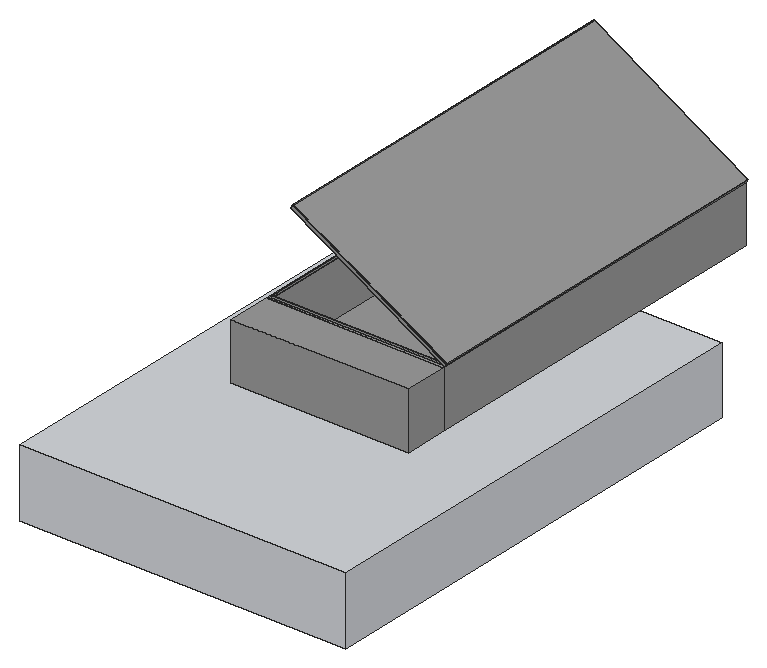
Revit family "Hager-Univers-IP55-D275-H1900-Cl.II-Steel_encl-PL-en", category Equipement électrique, Revit 2020
Family settings
  Hôte = Face
  Configuration du panneau = Deux colonnes, circuits au sein
  Cote de connecteur circulaire = Utiliser le diamètre
  Type d'élément = Tableau de raccordement
  Couper avec des vides une fois chargée = Non
  Partagée = Non
  Point de calcul de pièce = Non
Parameters (values of type "Floor installation IP55 W800 H1900 D275  - FR13S2")
  Width Control [instance] = if([EF000008 - Width] > Min Width, [EF000008 - Width], Min Width)  # 800 mm
  Commentaires du type = [HG000003 - Range]  # "Univers"
  Thickness Door [instance] = if([EF009171 - Material plate thickness door/cover] > 3 mm, 3 mm, [EF009171 - Material plate thickness door/cover])  # 1.5 mm
  Seal Frame Offset [instance] = 17 mm  # constant formula
  Plinth Visibility [instance] = [HG000027 - Plinth height] > 0 mm  # yes
  Model = ""
  Min Width [instance] = 100 mm  # constant formula
  Min Height [instance] = 100 mm  # constant formula
  Min Depth [instance] = (2 * [EF009170 - Material plate thickness cabinet]) + 1 mm  # 4 mm
  Internal Frame Depth [instance] = (Door System Depth * 0.5)  # 9 mm
  Height Control [instance] = if([EF000040 - Height] > Min Height, [EF000040 - Height], Min Height)  # 1900 mm
  HG000027 - Plinth height = 200 mm
  HG000026 - Floor standing = yes
  HG000024 - Bottom section height = 800 mm
  HG000023 - Double section enclosure = no
  HG000016 - Door 3d visibility [instance] = yes
  HG000015 - Clearance visibility [instance] = no
  HG000014 - Door on the right [instance] = yes
  HG000013 - Door on the left [instance] = not([HG000014 - Door on the right])  # no
  HG000012 - Door swing angle [instance] = 30.00°
  HG000010 - Asymmetric doors = no
  HG000009 - Double swing door = no
  HG000006 - Flush mounted = no
  HG000004 - Manufacturer reference = "FR13S2"
  HG000003 - Range = "Univers"
  HG000002 - With door or cover = yes
  Frame Offset Bottom [instance] = 10 mm  # constant formula
  Frame Offset [instance] = 15 mm  # constant formula
  EF015940 - Cover with overpressure release = no
  EF011959 - Degree of protection (NEMA) = ""
  EF009554 - Number of openings for flange plates = 6
  EF009212 - Cover model = "EV000116 - Closed"
  EF009171 - Material plate thickness door/cover = 1.5 mm
  EF009170 - Material plate thickness cabinet = 1.5 mm
  Fabricant = "Hager"  # constant formula
  EF008873 - Nominal current (In) = 800 A
  EF007800 - Suitable for lightning protection = no
  EF006306 - With lock = no
  EF006244 - Transparent cover/door = no
  EF005474 - Degree of protection (IP) = "EV006420 - IP55"
  EF004464 - Type of door = "EV002646 - Single"
  EF004427 - Number of modules = 396
  EF004293 - Impact strength = "EV008784 - IK10"
  EF003532 - Suitable for outdoor use = no
  EF002950 - Width in number of modular spacings = 24
  EF001613 - Circuit integrity = "EV000494 - None"
  EF001596 - Material housing = "EV000179 - Steel"
  EF001131 - Internal depth = 275 mm
  EF001088 - Extension possible = yes
  EF000437 - Number of conduit inlets = 6
  EF000339 - Type of cover = "EV004216 - Door"
  EF000266 - Number of rows = 11
  EF000218 - Built-in depth = 0 mm
  EF000118 - With mounting plate = no
  EF000116 - RAL-number = "7035"
  EF000049 - Depth = 275 mm
  EF000040 - Height = 1900 mm
  EF000008 - Width = 800 mm
  EF000007 - Colour = "EV000270 - Grey"
  EF000003 - Mounting method = "EV012274 - Floor installation"
  Door System Leaf Tolerance [instance] = 1.5 mm  # constant formula
  Door System Depth [instance] = 18 mm  # constant formula
  Door Height [instance] = Height Control - [HG000027 - Plinth height]  # 1700 mm
  Depth Control [instance] = if([EF000049 - Depth] > Min Depth, [EF000049 - Depth], Min Depth)  # 275 mm
  Default Elevation = 0 mm
  Connector Offset [instance] = Height Control / 2  # 950 mm
  Bottom Top Plate Trim [instance] = 1.5 mm  # constant formula
  Plinth height Ctrl [instance] = if([HG000027 - Plinth height] > 0 mm, [HG000027 - Plinth height], 12 mm)  # 200 mm
Types (5, lengths in mm): name | Width Control | HG000010 - Asymmetric doors | HG000009 - Double swing door | HG000004 - Manufacturer reference | EF009554 - Number of openings for flange plates | EF004464 - Type of door | EF004427 - Number of modules | EF000437 - Number of conduit inlets | EF000008 - Width
  Floor installation IP55 W1050 H1900 D275  - FR14S2 | 1050 | yes | yes | "FR14S2" | 8 | "EV003602 - Double" | 528 | 8 | 1050
  Floor installation IP55 W1300 H1900 D275  - FR15S2 | 1300 | yes | yes | "FR15S2" | 10 | "EV003602 - Double" | 660 | 10 | 1300
  Floor installation IP55 W300 H1900 D275  - FR11S2 | 300 | no | no | "FR11S2" | 2 | "EV002646 - Single" | 132 | 2 | 300
  Floor installation IP55 W550 H1900 D275  - FR12S2 | 550 | no | no | "FR12S2" | 4 | "EV002646 - Single" | 264 | 4 | 550
  Floor installation IP55 W800 H1900 D275  - FR13S2 | 800 | no | no | "FR13S2" | 6 | "EV002646 - Single" | 396 | 6 | 800
Reference planes
  plane 1 "Center (Front/Back)": y = 0
  plane 2: z = 0
  plane 3 "Center (Left/Right)": x = 0
  plane 4: z = 275
  plane 5: y = 201.5
  plane 6: y = 1050
  plane 7: y = 200
  plane 8: y = 1900
  plane 9: z = 0
  plane 10: x = -385
  plane 11: x = 385
  plane 12: x = 383.5
  plane 13: x = -383.5
  plane 14: y = 1898.5
  plane 15: x = -383
  plane 16: x = -400
  plane 17: x = 383
  plane 18: x = 400
  plane 19: x = 398.5
  plane 20: x = -398.5
  plane 21: y = 211.5
  plane 22: y = 1900
  plane 23: y = 1883.5
  plane 24: z = 257
  plane 25: z = 1.5
  plane 26: z = 255.5
  plane 27: z = 273.5
Forms (mm)
  Extrusion 1, solid
    sketch origin (0, 0, 0) x (1, 0, 0) y (0, 1, 0)
      loop
        line (-702.964, 1305) -> (-702.964, -811.445) -> (766.763, -811.445) -> (766.763, 1305) -> (-702.964, 1305)
    from 0 to -304.8
  Extrusion 2, solid, material "Hager_Steel_RAL7035_Light_Grey", visible <- "Plinth Visibility", detail levels medium+fine
    sketch origin (0, 0, 0) x (1, 0, 0) y (0, 1, 0)
      loop
        line (-400, 0) -> (400, 0) -> (400, 200) -> (-400, 200) -> (-400, 0)
    from 0 to 257
  Extrusion 3, solid, material "Hager_Steel_RAL7035_Light_Grey", detail levels medium+fine
    sketch origin (0, 0, 0) x (1, 0, 0) y (0, 1, 0)
      loop
        line (-400, 200) -> (400, 200) -> (400, 1900) -> (-400, 1900) -> (-400, 200)
    from 0 to 257
  Extrusion 4, void
    sketch origin (0, 0, 0) x (1, 0, 0) y (0, 1, 0)
      loop
        line (-398.5, 201.5) -> (398.5, 201.5) -> (398.5, 1898.5) -> (-398.5, 1898.5) -> (-398.5, 201.5)
    from 1.5 to 255.5
  Extrusion 5, void
    sketch origin (-381.607, -4572, 257) x (0, -1, 0) y (-1, 0, 0)
      loop
        line (-4783.5, 1.893) -> (-6455.5, 1.893) -> (-6455.5, -765.107) -> (-4783.5, -765.107) -> (-4783.5, 1.893)
    from 0 to 1.5 <- "EF009170 - Material plate thickness cabinet"
  Extrusion 6, solid, material "Hager_Steel_RAL7035_Light_Grey", detail levels fine
    sketch origin (0, 0, 257) x (1, 0, 0) y (0, 1, 0)
      loop
        line (-383.5, 1883.5) -> (-383.5, 211.5) -> (383.5, 211.5) -> (383.5, 1883.5) -> (-383.5, 1883.5)
      loop
        line (-385, 210) -> (385, 210) -> (385, 1885) -> (-385, 1885) -> (-385, 210)
    from 0 to 9 <- "Internal Frame Depth"
  Extrusion 7, solid, material "Hager_Steel_RAL7035_Light_Grey", detail levels coarse
    sketch origin (0, 0, 0) x (1, 0, 0) y (0, 1, 0)
      loop
        line (-400, 0) -> (400, 0) -> (400, 1900) -> (-400, 1900) -> (-400, 0)
    from 0 to 275
  Sweep 8, void
    path in 3D
      loop
        line (-400, 200, 0) -> (400, 200, 0) -> (400, 200, 257) -> (-400, 200, 257) -> (-400, 200, 0)
    profile origin (-400, 200, 128.5) x (-1, 0, 0) y (0, -1, 0)
      loop
        line (0, 0) -> (0, 1.5) -> (-1.5, 1.5)
        arc (-1.5, 1.5) -> (-1.061, 0.439) -> (0, 0) r 1.5
Cuts and joins
  Extrusion 4, Extrusion 5 cuts Extrusion 3
  Sweep 8 cuts Extrusion 2
Lines and regions (mm)
  Masking region 1
    outline origin (0, 0, 0) x (1, 0, 0) y (0, 0, 1)
      loop
        line (-400, 275) -> (-400, 0) -> (400, 0) -> (400, 275) -> (-400, 275)
  Masking region 2, detail levels medium+fine
    outline origin (0, 140, 0) x (0, 1, 0) y (0, 0, 1)
      loop
        line (60, 0) -> (1760, 0) -> (1760, 257) -> (60, 257) -> (60, 0)
  Masking region 3, not visible, detail levels medium+fine
    outline origin (0, 297.922, 0) x (0, 1, 0) y (0, 0, 1)
      loop
        line (763.578, 0) -> (803.578, 0) -> (803.578, 263.5)
        arc (803.578, 263.5) -> (800.649, 270.571) -> (793.578, 273.5) r 10
        line (793.578, 273.5) -> (763.578, 273.5) -> (763.578, 0)
  Masking region 4, detail levels coarse
    outline origin (0, 0, 180) x (0, 1, 0) y (0, 0, 1)
      loop
        line (0, -180) -> (1900, -180) -> (1900, 95) -> (0, 95) -> (0, -180)
  Masking region 5, visible <- "Plinth Visibility", detail levels medium+fine
    outline origin (0, 52.24, 12.345) x (0, 0, -1) y (0, 1, 0)
      loop
        line (10.845, 147.76) -> (-243.155, 147.76)
        arc (-243.155, 147.76) -> (-243.594, 146.699) -> (-244.655, 146.26) r 1.5
        line (-244.655, 146.26) -> (-244.655, -52.24) -> (12.345, -52.24) -> (12.345, 146.26)
        arc (12.345, 146.26) -> (11.285, 146.699) -> (10.845, 147.76) r 1.5
  Masking region 6, detail levels medium+fine
    outline origin (-381.607, -4572, 257) x (-1, 0, 0) y (0, -1, 0)
      loop
        line (18.393, -6472) -> (18.393, -4772) -> (-781.607, -4772) -> (-781.607, -6472) -> (18.393, -6472)
  Masking region 7, visible <- "Plinth Visibility", detail levels medium+fine
    outline origin (-381.607, -4727, 257) x (-1, 0, 0) y (0, -1, 0)
      loop
        arc (16.893, -4927) -> (17.332, -4925.939) -> (18.393, -4925.5) r 1.5
        line (18.393, -4925.5) -> (18.393, -4727) -> (-781.607, -4727) -> (-781.607, -4925.5)
        arc (-781.607, -4925.5) -> (-780.546, -4925.939) -> (-780.107, -4927) r 1.5
        line (-780.107, -4927) -> (16.893, -4927)
  Masking region 8, detail levels coarse
    outline origin (-442.548, -4669.526, 257) x (-1, 0, 0) y (0, -1, 0)
      loop
        line (-42.548, -6569.526) -> (-42.548, -4669.526) -> (-842.548, -4669.526) -> (-842.548, -6569.526) -> (-42.548, -6569.526)
  sketch lines
    curve 1: line (-400, 200, 257) -> (-400, 200, 0)
    curve 2: line (400, 200, 257) -> (-400, 200, 257)
    curve 3: line (400, 200, 257) -> (400, 200, 0)
    curve 4: line (-400, 200, 0) -> (400, 200, 0)
Dimensions and locks
  "Depth Control": plane 4 to Extrusion 1
  "HG000027 - Plinth height": plane 1 "Center (Front/Back)" to plane 7
  "EF009170 - Material plate thickness cabinet": plane 5 to plane 7
  locked: connector elem to plane 3 "Center (Left/Right)"
  equal spacing: plane 8, plane 6, plane 7
  locked: connector elem to plane 6
  "EF009170 - Material plate thickness cabinet": plane 8 to plane 14
  "EF009170 - Material plate thickness cabinet": plane 10 to plane 13
  "EF009170 - Material plate thickness cabinet": plane 12 to plane 11
  "Frame Offset": plane 20 to plane 13
  "Frame Offset": plane 12 to plane 19
  "EF009170 - Material plate thickness cabinet": plane 16 to plane 20
  "EF009170 - Material plate thickness cabinet": plane 19 to plane 18
  "Seal Frame Offset": plane 16 to plane 15
  "Seal Frame Offset": plane 17 to plane 18
  "Frame Offset Bottom": plane 21 to plane 5
  "Frame Offset": plane 14 to plane 23
  equal spacing: plane 16, plane 3 "Center (Left/Right)", plane 18
  "Width Control": plane 16 to plane 18
  "EF009170 - Material plate thickness cabinet": plane 4 to plane 27
  "EF009170 - Material plate thickness cabinet": plane 24 to plane 26
  "EF009170 - Material plate thickness cabinet": plane 25 to level
  "Door System Depth": plane 4 to plane 24
  "Height Control": plane 1 "Center (Front/Back)" to Extrusion 7 sketch curve
  "Height Control": Masking region 4 sketch curve to plane 1 "Center (Front/Back)"
  "Height Control": plane 1 "Center (Front/Back)" to plane 22
  "Bottom Top Plate Trim": profile plane to Sweep 8 sketch curve
  "Bottom Top Plate Trim": Sweep 8 sketch curve to profile plane
  "Plinth height Ctrl": plane 1 "Center (Front/Back)" to Extrusion 2 sketch curve
  "Plinth height Ctrl": Masking region 5 sketch curve to plane 1 "Center (Front/Back)"
  "Plinth height Ctrl": plane 1 "Center (Front/Back)" to Masking region 7 sketch curve
  "Thickness Door": Extrusion 6 sketch curve to Extrusion 6 sketch curve  (x3)
  "Thickness Door": cut or joined group of Extrusion 3, Extrusion 4, Extrusion 5 to Extrusion 6 sketch curve
  radius of Masking region 3 sketch curve = 10 mm
  "Bottom Top Plate Trim": radius of Masking region 5 sketch curve  (x2)
  "Bottom Top Plate Trim": radius of Sweep 8 sketch curve
  "Bottom Top Plate Trim": radius of Masking region 7 sketch curve  (x2)
  aligned and locked: plane 2 to Extrusion 1
  aligned and locked: level to Extrusion 1
  aligned and locked: level to Masking region 1 sketch curve
  aligned and locked: Masking region 1 sketch curve to plane 18
  aligned and locked: Masking region 1 sketch curve to plane 16
  aligned and locked: plane 7 to Masking region 2 sketch curve
  aligned and locked: level to Masking region 3 sketch curve
  aligned and locked: Masking region 3 sketch curve to plane 27
  aligned and locked: level to Masking region 2 sketch curve
  aligned and locked: plane 1 "Center (Front/Back)" to Extrusion 2 sketch curve
  aligned and locked: Extrusion 3 sketch curve to plane 7
  aligned and locked: plane 16 to Extrusion 3 sketch curve
  aligned and locked: plane 18 to Extrusion 3 sketch curve
  aligned and locked: plane 20 to Extrusion 4 sketch curve
  aligned and locked: plane 19 to Extrusion 4 sketch curve
  aligned and locked: Extrusion 4 sketch curve to plane 5
  aligned and locked: Extrusion 4 to plane 25
  aligned and locked: plane 26 to Extrusion 4
  aligned and locked: plane 24 to Extrusion 3
  aligned and locked: Extrusion 5 sketch curve to plane 21
  aligned and locked: Extrusion 5 sketch curve to plane 13
  aligned and locked: Extrusion 5 sketch curve to plane 12
  aligned and locked: plane 18 to Extrusion 7 sketch curve
  aligned and locked: plane 1 "Center (Front/Back)" to Extrusion 7 sketch curve
  aligned and locked: plane 16 to Extrusion 7 sketch curve
  aligned and locked: plane 4 to Extrusion 7
  aligned and locked: Extrusion 7 to level
  aligned and locked: level to Masking region 4 sketch curve
  aligned and locked: Masking region 4 sketch curve to plane 1 "Center (Front/Back)"
  aligned and locked: Masking region 4 sketch curve to plane 4
  aligned and locked: nested 1 to level
  aligned and locked: nested 1 to plane 16
  aligned and locked: plane 8 to Extrusion 3 sketch curve
  aligned and locked: plane 23 to Extrusion 5 sketch curve
  aligned and locked: plane 14 to Extrusion 4 sketch curve
  aligned and locked: Masking region 2 sketch curve to plane 8
  aligned and locked: level to Masking region 5 sketch curve
  aligned and locked: plane 16 to Extrusion 2 sketch curve
  aligned and locked: plane 18 to Extrusion 2 sketch curve
  aligned and locked: Masking region 5 sketch curve to plane 24
  aligned and locked: Masking region 2 sketch curve to plane 24
  aligned and locked: plane 24 to Extrusion 2
  aligned and locked: profile plane to Sweep 8 sketch curve  (x2)
  aligned and locked: Masking region 6 sketch curve to plane 18
  aligned and locked: Masking region 6 sketch curve to plane 22
  aligned and locked: Masking region 6 sketch curve to plane 16
  aligned and locked: plane 8 to plane 22
  aligned and locked: Masking region 6 sketch curve to plane 7
  aligned and locked: Masking region 7 sketch curve to plane 16
  aligned and locked: Masking region 7 sketch curve to plane 1 "Center (Front/Back)"
  aligned and locked: Masking region 7 sketch curve to plane 18
  aligned and locked: Masking region 8 sketch curve to plane 1 "Center (Front/Back)"
  aligned and locked: Masking region 8 sketch curve to plane 18
  aligned and locked: Masking region 8 sketch curve to plane 22
  aligned and locked: Masking region 8 sketch curve to plane 16
  aligned and locked: nested 2 to plane 7
  aligned and locked: plane 3 "Center (Left/Right)" to nested 2
  aligned and locked: nested 2 to plane 24
  aligned and locked: Extrusion 6 sketch curve to cut or joined group of Extrusion 3, Extrusion 4, Extrusion 5  (x4)
Automatic sketch dimensions
  Extrusion 1 sketch curve to Extrusion 1 sketch curve = 1469.727 mm
  Extrusion 1 sketch curve to Extrusion 1 sketch curve = 2116.445 mm
  Masking region 1 sketch curve to plane 4 = 0 mm
  plane 6 to Masking region 3 sketch curve = 11.5 mm
  Masking region 3 sketch curve to Masking region 3 sketch curve = 30 mm
  Masking region 5 sketch curve to plane 1 "Center (Front/Back)" = 0 mm
Nested families
  nested 1: "Hager_Enclosure_Symbol" at (-400, 0, 0) x (1, 0, 0) z (0, -1, 0), Height <- "Depth Control", Width <- "Width Control", type "Hager_Enclosure_Symbol"
    with Width_Ctrl 800 mm, Width 800 mm, Height_Ctrl 275 mm, Height 275 mm, A_Width_Int 18.047 mm, A_Width 216.562 mm, A_Height_Ctrl 240.625 mm, A_Height 240.625 mm
  nested 2: "EC000058_Univers_Door" at (0, 200, 257) x (1, 0, 0) z (0, 1, 0), Leaf_Tolerance <- "Door System Leaf Tolerance", Angle <- "HG000012 - Door swing angle", Door_Depth <- "Door System Depth", Door_Left <- "HG000013 - Door on the left", Transparent <- "EF006244 - Transparent cover/door", Assymetrical <- "HG000010 - Asymmetric doors", Width <- "Width Control", Clearance <- "HG000015 - Clearance visibility", Double <- "HG000009 - Double swing door", 3d_Door <- "HG000016 - Door 3d visibility", Lock_Visibility <- "EF006306 - With lock", Width_Ctrl <- "Width Control", Door_Right <- "HG000014 - Door on the right", Door <- "HG000002 - With door or cover", Height <- "Door Height", Thickness <- "Thickness Door", type "EC000058_Univers_Door", detail levels medium+fine
    with min_wh 4 mm, Width_Ctrl 800 mm, Width 800 mm, Transparent no, Thickness 1.5 mm, Seal_Material Hager_Rubber, Lock_Visibility no, Lock_Material Hager_Plastic_RAL9005_Jet_Black, Leaf_Width 800 mm, Leaf_Tolerance_External_Sides 0 mm, Leaf_Tolerance 1.5 mm, Leaf_Offset 0 mm, Leaf_Height 1697 mm, Leaf_2_Width 800 mm, Leaf_2_Offset 400 mm, Leaf_1_Width 800 mm, Leaf_1_Offset 400 mm, Height_Ctrl 1700 mm, Height 1700 mm, Glass_Material Hager_Glass, Double_Clearance_Ctrl no, Double no, Door_Right_Ctrl yes, Door_Right yes, Door_Material Hager_Steel_RAL7035_Light_Grey, Door_Left_Ctrl no, Door_Left no, Door_Depth 18 mm, Door yes, Clearance_Material Hager_Clearance, Clearance_Depth 800 mm, Clearance_Ctrl no, Clearance no, Assymetrical no, Angle 30.00°, 3d_Door yes
Connectors
  electrical at (0, 1050, 0)
    settings: on plane 9, index 1, voltage 0 V, apparent load 0 VA, apparent load phase1 0 VA, apparent load phase2 0 VA, apparent load phase3 0 VA, power factor 1, load classification "Other", number of poles 1, system type 30, power factor state 1, is connector primary yes, connector utility no, sub classification motor no, connector description ""
Definition of nested family "EC000058_Univers_Door"
  Parameters (values of type "EC000058_Univers_Door")
    min_wh [instance] = (2 * Thickness) + 1 mm  # 11 mm
    Width_Ctrl [instance] = 400 mm
    Width [instance] = 500 mm
    Transparent [instance] = yes
    Thickness [instance] = 5 mm
    Seal_Material [instance] = none
    Lock_Visibility [instance] = yes
    Lock_Material [instance] = none
    Leaf_Width [instance] = if((Width_Ctrl - 2 * Leaf_Tolerance_External_Sides) > 0 mm, (Width_Ctrl - 2 * Leaf_Tolerance_External_Sides), min_wh)  # 400 mm
    Leaf_Tolerance_External_Sides [instance] = 0 mm  # constant formula
    Leaf_Tolerance [instance] = 1.5 mm
    Leaf_Offset [instance] = 0 mm  # constant formula
    Leaf_Height [instance] = if((Height_Ctrl - 2 * Leaf_Tolerance) > 0 mm, (Height_Ctrl - 2 * Leaf_Tolerance), min_wh)  # 497 mm
    Leaf_2_Width [instance] = if(and(and(Double, Assymetrical), Door_Left), (Leaf_Width / 3) - (Leaf_Tolerance / 2), if(and(and(Double, Assymetrical), Door_Right), (Leaf_Width / 3) * 2 - (Leaf_Tolerance / 2), if(and(Double, not(Assymetrical)), (Leaf_Width / 2) - Leaf_Tolerance, Leaf_Width)))  # 400 mm
    Leaf_2_Offset [instance] = if(and(Double, Assymetrical), Leaf_2_Width / 2, if(and(Double, not(Assymetrical)), Leaf_Width / 4, Leaf_Width / 2))  # 200 mm
    Leaf_1_Width [instance] = if(and(and(Double, Assymetrical), Door_Right), (Leaf_Width / 3) - (Leaf_Tolerance / 2), if(and(and(Double, Assymetrical), Door_Left), (Width / 3) * 2 - (Leaf_Tolerance / 2), if(and(Double, not(Assymetrical)), (Leaf_Width / 2) - Leaf_Tolerance, Leaf_Width)))  # 400 mm
    Leaf_1_Offset [instance] = if(and(Double, Assymetrical), Leaf_1_Width / 2, if(and(Double, not(Assymetrical)), Leaf_Width / 4, Leaf_Width / 2))  # 200 mm
    Height_Ctrl [instance] = if(Height > min_wh, Height, min_wh)  # 500 mm
    Height [instance] = 500 mm
    Glass_Material [instance] = none
    Double_Clearance_Ctrl [instance] = and(Double, Clearance)  # no
    Double [instance] = no
    Door_Right_Ctrl [instance] = and(or(Door_Right, Double), Door)  # yes
    Door_Right [instance] = yes
    Door_Material [instance] = none
    Door_Left_Ctrl [instance] = and(or(Door_Left, Double), Door)  # no
    Door_Left [instance] = no
    Door_Depth [instance] = 30 mm
    Door [instance] = yes
    Default Elevation = 1219.2 mm
    Clearance_Material [instance] = none
    Clearance_Depth [instance] = if(Leaf_1_Width > Leaf_2_Width, Leaf_1_Width, Leaf_2_Width)  # 400 mm
    Clearance_Ctrl [instance] = and(not(Double), Clearance)  # yes
    Clearance [instance] = yes
    Assymetrical [instance] = yes
    Angle [instance] = 30.00°
    3d_Door [instance] = yes
  Reference planes
    plane 1 "Center (Front/Back)": y = 0
    plane 2 "Bottom": z = 0
    plane 3 "Center (Left/Right)": x = 0
    plane 4: z = 500
    plane 5: x = -200
    plane 6: x = 200
    plane 7: z = 500
    plane 8: x = -200
    plane 9: z = 0
    plane 10: x = 200
    plane 11: y = 0
    plane 12: z = 1.5
    plane 13: x = -600
    plane 14: y = -400
    plane 15: x = 600
    plane 16: x = 0
    plane 17: x = 0
    plane 18: x = -200
    plane 19: x = 200
    plane 20: z = 498.5
  Forms (mm)
    Extrusion 1, solid, material <- "Clearance_Material", visible <- "Double_Clearance_Ctrl"
      sketch origin (1200, 0, 0) x (1, 0, 0) y (0, 0, -1)
        loop
          line (-1800, -498.5) -> (-600, -498.5) -> (-600, 0) -> (-1800, 0) -> (-1800, -498.5)
      from 0 to -400
  Dimensions and locks
    equal spacing: plane 5, plane 3 "Center (Left/Right)", plane 6
    "Width_Ctrl": plane 5 to plane 6
    "Leaf_Offset": plane 5 to plane 8
    "Leaf_Offset": plane 6 to plane 10
    "Leaf_Offset": plane 9 to level
    "Leaf_Offset": plane 4 to plane 7
    "Height_Ctrl": plane 4 to level
    "Leaf_Tolerance": plane 12 to plane 9
    locked: plane 11 to plane 1 "Center (Front/Back)"
    "Leaf_1_Offset": plane 18 to plane 16
    "Leaf_2_Offset": plane 17 to plane 19
    "Leaf_1_Width": plane 13 to plane 8
    "Leaf_2_Width": plane 10 to plane 15
    "Clearance_Depth": plane 14 to plane 1 "Center (Front/Back)"
    "Leaf_Tolerance_External_Sides": plane 8 to plane 18
    "Leaf_Tolerance_External_Sides": plane 19 to plane 10
    "Leaf_Tolerance": plane 7 to plane 20
    aligned and locked: level to plane 2 "Bottom"
    aligned and locked: nested 1 to plane 16
    aligned and locked: nested 2 to plane 17
    aligned and locked: Extrusion 1 to plane 13
    aligned and locked: plane 15 to Extrusion 1
    aligned and locked: Extrusion 1 to plane 14
    aligned and locked: plane 12 to nested 1
    aligned and locked: nested 2 to plane 12
    aligned and locked: Extrusion 1 to plane 11
    aligned and locked: plane 20 to Extrusion 1
    aligned and locked: nested 2 to plane 11
    aligned and locked: nested 1 to plane 11
  Automatic sketch dimensions
    Extrusion 1 sketch curve to level = 0 mm
    plane 5 to Extrusion 1 sketch curve = 400 mm
    plane 6 to Extrusion 1 sketch curve = 400 mm
    Extrusion 1 sketch curve to plane 4 = 1.5 mm
  Nested families
    nested 1: "EC000058_Univers_Door_Leaf" at (0, 0, 1.5), Width <- "Leaf_1_Width", visible <- "Door_Left_Ctrl", Leaf_Height <- "Leaf_Height", Angle <- "Angle", 3d_Door <- "3d_Door", Transparent <- "Transparent", Clearance Material <- "Clearance_Material", Clearance <- "Clearance_Ctrl", Door_Material <- "Door_Material", Glass_Material <- "Glass_Material", Door_Depth <- "Door_Depth", Lock_Material <- "Lock_Material", Seal_Material <- "Seal_Material", Lock_Visibility <- "Lock_Visibility", Thickness <- "Thickness", type "EC000058_Univers_Door_Leaf"
      with Width 400 mm, Transparent_Glass_Offset 30 mm, Transparent_Ctrl yes, Transparent yes, Thickness 5 mm, Standard no, Seal_Material none, Seal_D2 8 mm, Seal_D1 1 mm, Offset_Internal_Frame 10 mm, Lock_Width 20 mm, Lock_Visibility_3d yes, Lock_Visibility yes, Lock_Thickness_3 3 mm, Lock_Thickness_2 1 mm, Lock_Thickness_1 3 mm, Lock_Radius_Offset_2 16 mm, Lock_Radius_Offset_1 15 mm, Lock_Radius_2 5 mm, Lock_Radius 6 mm, Lock_Offset 5 mm, Lock_Material none, Lock_Height 80 mm, Lock_Cover_Top_Offset_2d 17 mm, Lock_Cover_Height -65 mm, Leaf_Height 497 mm, Internal_Seal_Thickness 8 mm, Internal_Seal_Depth_2 4.5 mm, Internal_Frame_Depth 25 mm, Glass_Thickness -1 mm, Glass_Offset -2 mm, Glass_Material none, Door_Material none, Door_Depth 30 mm, Clearance Material none, Clearance yes, Angle_Ctrl 30.00°, Angle 30.00°, 3d_Door yes
    nested 2: "EC000058_Univers_Door_Leaf" at (0, 0, 1.5) x (-1, 0, 0) z (0, 0, 1), Width <- "Leaf_2_Width", visible <- "Door_Right_Ctrl", Leaf_Height <- "Leaf_Height", Angle <- "Angle", 3d_Door <- "3d_Door", Transparent <- "Transparent", Clearance Material <- "Clearance_Material", Clearance <- "Clearance_Ctrl", Door_Material <- "Door_Material", Glass_Material <- "Glass_Material", Door_Depth <- "Door_Depth", Lock_Material <- "Lock_Material", Seal_Material <- "Seal_Material", Lock_Visibility <- "Lock_Visibility", Thickness <- "Thickness", type "EC000058_Univers_Door_Leaf"
      with Width 400 mm, Transparent_Glass_Offset 30 mm, Transparent_Ctrl yes, Transparent yes, Thickness 5 mm, Standard no, Seal_Material none, Seal_D2 8 mm, Seal_D1 1 mm, Offset_Internal_Frame 10 mm, Lock_Width 20 mm, Lock_Visibility_3d yes, Lock_Visibility yes, Lock_Thickness_3 3 mm, Lock_Thickness_2 1 mm, Lock_Thickness_1 3 mm, Lock_Radius_Offset_2 16 mm, Lock_Radius_Offset_1 15 mm, Lock_Radius_2 5 mm, Lock_Radius 6 mm, Lock_Offset 5 mm, Lock_Material none, Lock_Height 80 mm, Lock_Cover_Top_Offset_2d 17 mm, Lock_Cover_Height -65 mm, Leaf_Height 497 mm, Internal_Seal_Thickness 8 mm, Internal_Seal_Depth_2 4.5 mm, Internal_Frame_Depth 25 mm, Glass_Thickness -1 mm, Glass_Offset -2 mm, Glass_Material none, Door_Material none, Door_Depth 30 mm, Clearance Material none, Clearance yes, Angle_Ctrl 30.00°, Angle 30.00°, 3d_Door yes
  Definition of nested family "EC000058_Univers_Door_Leaf"
    Parameters (values of type "EC000058_Univers_Door_Leaf")
      Width [instance] = 2000 mm
      Transparent_Glass_Offset [instance] = 30 mm
      Transparent_Ctrl [instance] = and(Transparent, [3d_Door])  # yes
      Transparent [instance] = yes
      Thickness [instance] = 5 mm
      Standard [instance] = and(not(Transparent), [3d_Door])  # no
      Seal_Material [instance] = none
      Seal_D2 [instance] = 8 mm  # constant formula
      Seal_D1 [instance] = 1 mm  # constant formula
      Offset_Internal_Frame [instance] = 10 mm  # constant formula
      Lock_Width [instance] = 20 mm  # constant formula
      Lock_Visibility_3d [instance] = and(Lock_Visibility, [3d_Door])  # yes
      Lock_Visibility [instance] = yes
      Lock_Thickness_3 [instance] = 3 mm  # constant formula
      Lock_Thickness_2 [instance] = 1 mm  # constant formula
      Lock_Thickness_1 [instance] = 3 mm  # constant formula
      Lock_Radius_Offset_2 [instance] = Lock_Radius_Offset_1 + 1 mm  # 16 mm
      Lock_Radius_Offset_1 [instance] = 15 mm  # constant formula
      Lock_Radius_2 [instance] = Lock_Radius - 1 mm  # 5 mm
      Lock_Radius [instance] = 6 mm  # constant formula
      Lock_Offset [instance] = 5 mm  # constant formula
      Lock_Material [instance] = none
      Lock_Height [instance] = 80 mm  # constant formula
      Lock_Cover_Top_Offset_2d [instance] = Lock_Radius_Offset_2 + 1 mm  # 17 mm
      Lock_Cover_Height [instance] = -(Lock_Height - Lock_Radius_Offset_1)  # -65 mm
      Leaf_Height [instance] = 2720.336 mm
      Internal_Seal_Thickness [instance] = 8 mm  # constant formula
      Internal_Seal_Depth_2 [instance] = 4.5 mm  # constant formula
      Internal_Frame_Depth [instance] = if(Door_Depth - Thickness > 5 mm, Door_Depth - Thickness, 5 mm)  # 25 mm
      Glass_Thickness [instance] = if(Thickness > 15 mm, Glass_Offset + 10 mm, -1 mm)  # -1 mm
      Glass_Offset [instance] = if(Thickness > 15 mm, -(Thickness + 10 mm) / 2, -2 mm)  # -2 mm
      Glass_Material [instance] = none
      Door_Material [instance] = none
      Door_Depth [instance] = 30 mm
      Default Elevation = 0 mm
      Clearance Material [instance] = none
      Clearance [instance] = yes
      Angle_Ctrl [instance] = if(Angle > 180.00°, 180.00°, Angle)  # 90.00°
      Angle [instance] = 90.00°
      3d_Door [instance] = yes
    Reference planes
      plane 1 "Center (Front/Back)": y = 0
      plane 2: z = 0
      plane 3 "Center (Left/Right)": x = 0
      plane 4: y = 2000
      plane 5: x = -1000
      plane 6: x = 1000
      plane 7: x = -3000
      plane 8: z = 2720.336
      plane 9: z = 30
      plane 10: z = 2690.336
      plane 11: x = 970
      plane 12: x = -970
      plane 13: y = -3
      plane 14: z = 107.833
      plane 15: y = -5
      plane 16: y = -223.314
      plane 17: x = -1000
      plane 18: z = 1360.168
      plane 19: y = 30
    Forms (mm)
      Extrusion 1, solid, material <- "Clearance Material", visible <- "Clearance"
        sketch origin (0, 0, 0) x (1, 0, 0) y (0, 0, 1)
          loop
            line (-3000, 2720.336) -> (-3000, 0) -> (1000, 0) -> (1000, 2720.336) -> (-3000, 2720.336)
        from 0 to -2000
      Extrusion 2, solid, material <- "Door_Material", visible <- "Standard", detail levels medium+fine
        sketch origin (-1000, 0, 0) x (0, 1, 0) y (-1, 0, 0)
          loop
            line (0, 30) -> (0, 25) -> (2000, 25) -> (2000, 30) -> (0, 30)
        from 0 to 2720.336 <- "Leaf_Height"
      Extrusion 3, solid, material <- "Door_Material", visible <- "Transparent_Ctrl", detail levels medium+fine
        sketch origin (-1000, 0, 0) x (0, 1, 0) y (-1, 0, 0)
          loop
            line (0, 25) -> (2000, 25) -> (2000, 30) -> (0, 30) -> (0, 25)
        from 0 to 2720.336 <- "Leaf_Height"
      Extrusion 4, void
        sketch origin (-1025, 2000, 0) x (0, 1, 0) y (0, 0, -1)
          loop
            line (-30, -2690.336) -> (-30, -30) -> (-1970, -30) -> (-1970, -2690.336) -> (-30, -2690.336)
        from 0 to 5 <- "Thickness"
      Sweep 5, solid, material <- "Seal_Material", visible <- "Transparent_Ctrl", detail levels fine
        path in 3D
          loop
            line (-1025, 30, 30) -> (-1025, 30, 2690.336) -> (-1025, 1970, 2690.336) -> (-1025, 1970, 30) -> (-1025, 30, 30)
        profile origin (-1025, 1000, 30) x (1, 0, 0) y (0, 0, 1)
          loop
            line (0, 0) -> (0, -8) -> (1, -8) -> (1, 0) -> (0, 0)
      Extrusion 6, solid, material <- "Glass_Material", visible <- "Transparent_Ctrl", detail levels medium+fine
        sketch origin (-1030, 0, 0) x (0, 1, 0) y (0, 0, -1)
          loop
            line (1970, -2690.336) -> (1970, -30) -> (30, -30) -> (30, -2690.336) -> (1970, -2690.336)
        from -2 <- "Glass_Offset" to -1 <- "Glass_Thickness"
      Extrusion 7, solid, material <- "Door_Material", visible <- "3d_Door", detail levels medium+fine
        sketch origin (-1025, 2000, 0) x (0, -1, 0) y (0, 0, -1)
          loop
            line (0, -2720.336) -> (2000, -2720.336) -> (2000, 0) -> (0, 0) -> (0, -2720.336)
          loop
            line (1995, -5) -> (5, -5) -> (5, -2715.336) -> (1995, -2715.336) -> (1995, -5)
        from 0 to 25 <- "Internal_Frame_Depth"
      Sweep 8, solid, material <- "Seal_Material", visible <- "Transparent_Ctrl", detail levels fine
        path in 3D
          loop
            line (-1025, 0, 0) -> (-1025, 2000, 0) -> (-1025, 2000, 2720.336) -> (-1025, 0, 2720.336) -> (-1025, 0, 0)
        profile origin (-1025, 0, 1360.168) x (1, 0, 0) y (0, 1, 0)
          loop
            line (0, 10) -> (2.975, 10)
            arc (2.975, 10) -> (4.053, 10.447) -> (4.5, 11.525) r 1.525
            line (4.5, 11.525) -> (4.5, 16.527)
            arc (4.5, 16.527) -> (4.069, 17.569) -> (3.027, 18) r 1.473
            line (3.027, 18) -> (0, 18) -> (0, 10)
      Extrusion 9, solid, material <- "Lock_Material", visible <- "Lock_Visibility_3d", detail levels fine
        sketch origin (-1030, 0, 0) x (0, 1, 0) y (0, 0, -1)
          loop
            arc (1993.5, -1400.168) -> (1994.561, -1399.729) -> (1995, -1398.668) r 1.5
            line (1995, -1398.668) -> (1995, -1320.168) -> (1975, -1320.168) -> (1975, -1398.668)
            arc (1975, -1398.668) -> (1975.439, -1399.729) -> (1976.5, -1400.168) r 1.5
            line (1976.5, -1400.168) -> (1993.5, -1400.168)
        from 3 <- "Lock_Thickness_1" to 0
      Blend 10, solid, material <- "Lock_Material", visible <- "Lock_Visibility_3d", detail levels fine
        base sketch origin (-1033, 0, 0) x (0, 1, 0) y (0, 0, -1)
          loop
            line (1975, -1320.168) -> (1975, -1398.668)
            arc (1975, -1398.668) -> (1975.439, -1399.729) -> (1976.5, -1400.168) r 1.5
            line (1976.5, -1400.168) -> (1993.5, -1400.168)
            arc (1993.5, -1400.168) -> (1994.561, -1399.729) -> (1995, -1398.668) r 1.5
            line (1995, -1398.668) -> (1995, -1320.168) -> (1975, -1320.168)
        top sketch origin (-1033, 0, 0) x (0, 1, 0) y (0, 0, -1)
          loop
            line (1976, -1320.168) -> (1976, -1398.668)
            arc (1976, -1398.668) -> (1976.146, -1399.022) -> (1976.5, -1399.168) r 0.5
            line (1976.5, -1399.168) -> (1993.5, -1399.168)
            arc (1993.5, -1399.168) -> (1993.854, -1399.022) -> (1994, -1398.668) r 0.5
            line (1994, -1398.668) -> (1994, -1320.168) -> (1976, -1320.168)
        from 0 to 1 <- "Lock_Thickness_2"
      Blend 11, solid, material <- "Lock_Material", visible <- "Lock_Visibility_3d", detail levels fine
        base sketch origin (-1034, 0, 0) x (0, 1, 0) y (0, 0, -1)
          loop
            line (1978, -1320.168) -> (1978, -1384.168)
            arc (1978, -1384.168) -> (1985, -1391.168) -> (1992, -1384.168) r 7
            line (1992, -1384.168) -> (1992, -1320.168) -> (1978, -1320.168)
        top sketch origin (-1034, 0, 0) x (0, 1, 0) y (0, 0, -1)
          loop
            line (1991, -1320.168) -> (1979, -1320.168) -> (1979, -1383.168)
            arc (1979, -1383.168) -> (1985, -1389.168) -> (1991, -1383.168) r 6
            line (1991, -1383.168) -> (1991, -1320.168)
        from 0 to 3 <- "Lock_Thickness_3"
      Extrusion 12, solid, material <- "Lock_Material", visible <- "Lock_Visibility_3d", detail levels fine
        sketch origin (-1030, 1975, 1320.168) x (1, 0, 0) y (0, -1, 0)
          loop
            line (-7, -19) -> (-7, -1) -> (0, -1) -> (0, 0) -> (-8, 0) -> (-8, -20) -> (0, -20) -> (0, -19) -> (-7, -19)
        from 0 to -65 <- "Lock_Cover_Height"
      Extrusion 13, void
        sketch origin (-1038, 1995, 1320.168) x (-1, 0, 0) y (0, 0, -1)
          loop
            line (-5, -65) -> (0, -65) -> (-5, -60) -> (-5, -65)
        from 0 to 20 <- "Lock_Width"
      Extrusion 14, void
        sketch origin (-1038, 1975, 1320.168) x (0, -1, 0) y (0, 0, -1)
          loop
            circle (-10, -15.995) r 6
          loop
            circle (-10, -15.995) r 5
        from 0 to 2
      Extrusion 15, solid, material <- "Lock_Material", visible <- "Lock_Visibility_3d", detail levels medium
        sketch origin (-1030, 0, 0) x (0, 1, 0) y (0, 0, -1)
          loop
            arc (1993.5, -1400.168) -> (1994.561, -1399.729) -> (1995, -1398.668) r 1.5
            line (1995, -1398.668) -> (1995, -1320.168) -> (1975, -1320.168) -> (1975, -1398.668)
            arc (1975, -1398.668) -> (1975.439, -1399.729) -> (1976.5, -1400.168) r 1.5
            line (1976.5, -1400.168) -> (1993.5, -1400.168)
        from 8 to 0
    Cuts and joins
      Extrusion 4 cuts Extrusion 3
      Extrusion 13, Extrusion 14 cuts Extrusion 9
      Extrusion 14 cuts Blend 11
      Extrusion 13, Extrusion 14 cuts Extrusion 12
      joined: Extrusion 9, Blend 10, Blend 11, Extrusion 12
      Extrusion 14 cuts Extrusion 15
    Lines and regions (mm)
      Masking region 1, visible <- "Lock_Visibility", detail levels fine
        outline origin (0, 0, 0) x (0, 1, 0) y (0, 0, 1)
          loop
            line (30, 1320.168) -> (33, 1320.168) -> (33, 1400.168) -> (30, 1400.168) -> (30, 1320.168)
      Masking region 2, visible <- "Lock_Visibility", detail levels fine
        outline origin (0, 3.143, 0) x (0, 1, 0) y (0, 0, 1)
          loop
            line (29.857, 1354.168) -> (30.857, 1354.168) -> (30.857, 1366.168) -> (29.857, 1366.168) -> (29.857, 1354.168)
      Masking region 3, detail levels medium+fine
        outline origin (0, 0, 0) x (0, 1, 0) y (0, 0, 1)
          loop
            line (0, 0) -> (30, 0) -> (30, 2720.336) -> (0, 2720.336) -> (0, 0)
      Masking region 4, detail levels medium+fine
        outline origin (0, 0, 0) x (1, 0, 0) y (0, 0, 1)
          loop
            line (-1000, 2720.336) -> (-1000, 0) -> (1000, 0) -> (1000, 2720.336) -> (-1000, 2720.336)
      Masking region 5, visible <- "Lock_Visibility", detail levels fine
        outline origin (-47.116, 0, 0) x (1, 0, 0) y (0, 0, 1)
          loop
            arc (1024.616, 1399.168) -> (1023.556, 1398.729) -> (1023.116, 1397.668) r 1.5
            line (1023.116, 1397.668) -> (1023.116, 1320.168) -> (1041.116, 1320.168) -> (1041.116, 1397.668)
            arc (1041.116, 1397.668) -> (1040.677, 1398.729) -> (1039.616, 1399.168) r 1.5
            line (1039.616, 1399.168) -> (1024.616, 1399.168)
      Masking region 6, visible <- "Lock_Visibility", detail levels medium+fine
        outline origin (-25, 0, 0) x (1, 0, 0) y (0, 0, 1)
          loop
            arc (1001.5, 1400.168) -> (1000.439, 1399.729) -> (1000, 1398.668) r 1.5
            line (1000, 1398.668) -> (1000, 1320.168) -> (1020, 1320.168) -> (1020, 1398.668)
            arc (1020, 1398.668) -> (1019.561, 1399.729) -> (1018.5, 1400.168) r 1.5
            line (1018.5, 1400.168) -> (1001.5, 1400.168)
      Masking region 7, visible <- "Lock_Visibility", detail levels fine
        outline origin (-73.735, 0, 0) x (1, 0, 0) y (0, 0, 1)
          loop
            line (1051.735, 1382.168) -> (1065.735, 1382.168) -> (1065.735, 1384.168)
            arc (1065.735, 1384.168) -> (1058.735, 1391.168) -> (1051.735, 1384.168) r 7
            line (1051.735, 1384.168) -> (1051.735, 1382.168)
      Masking region 8, visible <- "Lock_Visibility", detail levels fine
        outline origin (-73.735, 0, 0) x (1, 0, 0) y (0, 0, 1)
          loop
            line (1052.735, 1382.168) -> (1064.735, 1382.168) -> (1064.735, 1383.168)
            arc (1064.735, 1383.168) -> (1058.735, 1389.168) -> (1052.735, 1383.168) r 6
            line (1052.735, 1383.168) -> (1052.735, 1382.168)
      Masking region 9, visible <- "Lock_Visibility", detail levels fine
        outline origin (-25, 0, 0) x (1, 0, 0) y (0, 0, 1)
          loop
            line (1020, 1320.168) -> (1020, 1382.168) -> (1000, 1382.168) -> (1000, 1320.168) -> (1020, 1320.168)
      Masking region 10, detail levels medium+fine
        outline origin (0, 0, 0) x (1, 0, 0) y (0, 0, 1)
          loop
            circle (985, 1335.144) r 6
      Masking region 11, detail levels fine
        outline origin (0, 0, 0) x (1, 0, 0) y (0, 0, 1)
          loop
            circle (985, 1335.144) r 5
      Masking region 12, visible <- "Lock_Visibility", detail levels fine
        outline origin (0, 12.767, 0) x (0, 1, 0) y (0, 0, 1)
          loop
            line (20.233, 1320.168) -> (21.233, 1320.168) -> (21.233, 1399.168) -> (20.233, 1400.168) -> (20.233, 1320.168)
      Masking region 13, visible <- "Lock_Visibility", detail levels fine
        outline origin (0, 13.767, -10) x (0, 1, 0) y (0, 0, 1)
          loop
            line (20.233, 1330.168) -> (23.233, 1330.168) -> (23.233, 1399.168) -> (20.233, 1402.168) -> (20.233, 1330.168)
      Masking region 14, visible <- "Lock_Visibility", detail levels fine
        outline origin (0, 12.767, -10) x (0, 1, 0) y (0, 0, 1)
          loop
            line (20.233, 1330.168) -> (25.233, 1330.168) -> (25.233, 1399.305) -> (20.233, 1394.305) -> (20.233, 1330.168)
      Masking region 15, visible <- "Lock_Visibility", detail levels medium
        outline origin (0, 0, 0) x (0, 1, 0) y (0, 0, 1)
          loop
            line (30, 1320.168) -> (38, 1320.168) -> (38, 1400.168) -> (30, 1400.168) -> (30, 1320.168)
      Masking region 16, visible <- "Lock_Visibility", detail levels fine
        outline origin (-1000, 0, 0) x (0, 1, 0) y (-1, 0, 0)
          loop
            line (1975, 30) -> (1995, 30) -> (1995, 38) -> (1975, 38) -> (1975, 30)
          loop
            line (1979, 37) -> (1976, 37) -> (1976, 34) -> (1978, 34) -> (1979, 37)
          loop
            line (1994, 37) -> (1991, 37) -> (1992, 34) -> (1994, 34) -> (1994, 37)
      Masking region 17, visible <- "Lock_Visibility", detail levels medium
        outline origin (-1000, 0, 0) x (0, 1, 0) y (-1, 0, 0)
          loop
            line (1975, 30) -> (1995, 30) -> (1995, 38) -> (1975, 38) -> (1975, 30)
      symbolic lines
        curve 1: line (1000, 0, 0) -> (-3000, 0, 0)
        curve 2: arc (1000, 0, 0) -> (-1000, 2000, 0) -> (-3000, 0, 0) r 2000
        curve 4: line (-1030, 0, 0) -> (-1030, 2000, 0)
      reference lines
        curve 3: line (-1000, 0, 0) -> (-1000, 2000, 0)
      symbolic lines, detail levels medium+fine
        curve 5: line (-1030, 2000, 0) -> (-1025, 2000, 0)
        curve 7: line (-1025, 0, 0) -> (-1030, 0, 0)
        curve 8: line (-1025, 0, 0) -> (-1000, 0, 0)
        curve 9: line (-1000, 0, 0) -> (-1000, 2000, 0)
        curve 10: line (-1000, 2000, 0) -> (-1025, 2000, 0)
      symbolic lines, detail levels fine
        curve 6: line (-1025, 2000, 0) -> (-1025, 0, 0)
      sketch lines
        curve 11: line (-1025, 0, 2720.336) -> (-1025, 0, 0)
        curve 12: line (-1025, 2000, 0) -> (-1025, 0, 0)
        curve 13: line (-1025, 2000, 2720.336) -> (-1025, 2000, 0)
        curve 14: line (-1025, 0, 2720.336) -> (-1025, 2000, 2720.336)
        curve 15: line (-1025, 1970, 30) -> (-1025, 30, 30)
        curve 16: line (-1025, 30, 30) -> (-1025, 30, 2690.336)
        curve 17: line (-1025, 1970, 2690.336) -> (-1025, 1970, 30)
        curve 18: line (-1025, 30, 2690.336) -> (-1025, 1970, 2690.336)
      symbolic lines, visible <- "Transparent", detail levels medium+fine
        curve 19: line (-970, 0, 2690.336) -> (970, 0, 2690.336)
        curve 20: line (-970, 0, 30) -> (-970, 0, 2690.336)
        curve 21: line (970, 0, 30) -> (-970, 0, 30)
        curve 22: line (970, 0, 2690.336) -> (970, 0, 30)
    Dimensions and locks
      "Width": plane 1 "Center (Front/Back)" to plane 4
      equal spacing: plane 5, plane 3 "Center (Left/Right)", plane 6
      "Width": plane 5 to plane 6
      "Width": plane 7 to plane 5
      "Leaf_Height": plane 8 to level
      "Width": curve 5 to curve 3
      "Width": curve 3 to curve 3
      plane 8 to plane 10 = 30 mm
      plane 9 to level = 30 mm
      plane 12 to plane 5 = 30 mm
      plane 6 to plane 11 = 30 mm
      Extrusion 1 to Extrusion 4 sketch curve = 30 mm
      "Transparent_Glass_Offset": curve 3 to Extrusion 4 sketch curve
      "Transparent_Glass_Offset": Extrusion 4 sketch curve to cut or joined group of Extrusion 3, Extrusion 4  (x2)
      cut or joined group of Extrusion 3, Extrusion 4 to Extrusion 6 sketch curve = 30 mm
      "Transparent_Glass_Offset": cut or joined group of Extrusion 3, Extrusion 4 to Extrusion 4 sketch curve
      "Thickness": curve 6 to curve 4
      "Thickness": Extrusion 7 sketch curve to Extrusion 7 sketch curve  (x4)
      "Door_Depth": curve 4 to curve 3
      "Offset_Internal_Frame": profile plane to Sweep 8 sketch curve
      "Internal_Seal_Thickness": Sweep 8 sketch curve to Sweep 8 sketch curve
      "Internal_Seal_Depth_2": profile plane to Sweep 8 sketch curve
      "Seal_D1": profile plane to Sweep 5 sketch curve
      "Seal_D2": profile plane to Sweep 5 sketch curve
      "Thickness": Extrusion 2 sketch curve to Extrusion 2 sketch curve
      equal spacing: Extrusion 9 sketch curve, plane 18, Extrusion 9 sketch curve  (x2)
      equal spacing: Masking region 1 sketch curve, plane 18, Masking region 1 sketch curve
      "Lock_Height": Masking region 1 sketch curve to Masking region 1 sketch curve
      "Lock_Radius": Masking region 2 sketch curve to plane 18 to Masking region 2 sketch curve
      Masking region 2 sketch curve to Masking region 1 = 1 mm
      "Door_Depth": plane 19 to plane 1 "Center (Front/Back)"
      "Lock_Thickness_1": Masking region 1 sketch curve to plane 19
      "Lock_Width": Extrusion 9 sketch curve to Extrusion 9 sketch curve
      "Lock_Height": Extrusion 9 sketch curve to Extrusion 9 sketch curve
      "Lock_Offset": cut or joined group of Extrusion 3, Extrusion 4 to Extrusion 9 sketch curve
      equal spacing: plane 8, plane 18, level
      "Lock_Radius_Offset_1": Blend 11 sketch curve to Blend 10
      locked: Blend 10 to Blend 11 sketch curve at 2  (x2)
      locked: var sketch to Blend 11 sketch curve at 1  (x2)
      "Lock_Radius_Offset_2": Blend 11 sketch curve to Blend 10
      locked: Extrusion 12 sketch curve to Extrusion 12 sketch curve at 1  (x3)
      Masking region 6 sketch curve to Masking region 6 sketch curve = 80 mm
      "Lock_Height": Masking region 6 sketch curve to Masking region 6 sketch curve
      "Lock_Width": Masking region 6 sketch curve to Masking region 6 sketch curve
      locked: Masking region 6 to Masking region 5 sketch curve at 1  (x3)
      locked: Masking region 5 to Masking region 7 sketch curve at 2  (x2)
      "Lock_Radius_Offset_1": Masking region 5 to Masking region 7 sketch curve
      "Lock_Radius_Offset_2": Masking region 5 to Masking region 8 sketch curve
      locked: Masking region 7 to Masking region 8 sketch curve at 1  (x2)
      "Lock_Cover_Top_Offset_2d": Masking region 5 to Masking region 9 sketch curve
      equal spacing: Masking region 9, Masking region 10 sketch curve, Masking region 9
      equal spacing: Masking region 9, Masking region 11 sketch curve, Masking region 9
      Extrusion 15 sketch curve to Extrusion 15 sketch curve = 80 mm
      "Lock_Width": Extrusion 15 sketch curve to Extrusion 15 sketch curve
      "Lock_Height": Extrusion 15 sketch curve to Extrusion 15 sketch curve
      equal spacing: Extrusion 15 sketch curve, plane 18, Extrusion 15 sketch curve
      "Lock_Thickness_3": Masking region 13 sketch curve to Masking region 13 sketch curve
      "Lock_Height": Masking region 12 sketch curve to Masking region 12 sketch curve
      locked: Masking region 13 sketch curve to Masking region 1 at 8
      locked: Masking region 14 sketch curve to Masking region 13 at 1
      locked: Masking region 14 sketch curve to Masking region 1 at 10.863
      "Lock_Height": Masking region 15 sketch curve to Masking region 15 sketch curve
      "Lock_Offset": Extrusion 15 sketch curve to cut or joined group of Extrusion 3, Extrusion 4
      "Lock_Offset": plane 6 to Masking region 6 sketch curve
      radius of Sweep 8 sketch curve = 1.525 mm
      radius of Sweep 8 sketch curve = 1.473 mm
      radius of Extrusion 9 sketch curve = 1.5 mm  (x2)
      "Lock_Radius": radius of Extrusion 14 sketch curve
      "Lock_Radius_2": radius of Extrusion 14 sketch curve
      "Lock_Radius": radius of Masking region 10 sketch curve
      "Lock_Radius_2": radius of Masking region 11 sketch curve
      radius of Extrusion 15 sketch curve = 1.5 mm  (x2)
      "Angle_Ctrl": angle plane 1 "Center (Front/Back)" to curve 3
      locked: Masking region 12 sketch curve to Masking region 12 sketch curve (angle 45.00°)
      locked: Masking region 13 sketch curve to Masking region 13 sketch curve (angle 45.00°)
      locked: Masking region 14 sketch curve to Masking region 14 sketch curve (angle 45.00°)
      aligned and locked: level to plane 2
      aligned and locked: Extrusion 1 to curve 1
      aligned and locked: plane 6 to Extrusion 1
      aligned and locked: Extrusion 1 to plane 1 "Center (Front/Back)"
      aligned and locked: plane 4 to Extrusion 1
      aligned and locked: plane 8 to Extrusion 1
      aligned and locked: curve 7 to Extrusion 2 sketch curve
      aligned and locked: curve 5 to Extrusion 2 sketch curve
      aligned and locked: curve 7 to Extrusion 3 sketch curve
      aligned and locked: Extrusion 3 sketch curve to curve 4
      aligned and locked: Extrusion 3 sketch curve to curve 6
      aligned and locked: Extrusion 3 sketch curve to curve 5
      aligned and locked: curve 9 to curve 3
      aligned and locked: Extrusion 7 sketch curve to cut or joined group of Extrusion 3, Extrusion 4  (x4)
      aligned and locked: plane 17 to curve 3
      aligned and locked: plane 1 "Center (Front/Back)" to curve 3
      aligned and locked: plane 17 to plane 5
      aligned and locked: Sweep 8 sketch curve to profile plane
      aligned and locked: Sweep 5 sketch curve to profile plane  (x2)
      aligned and locked: Masking region 1 to Masking region 2 sketch curve
      aligned and locked: plane 19 to Masking region 1 sketch curve
      aligned and locked: plane 1 "Center (Front/Back)" to Masking region 3 sketch curve
      aligned and locked: plane 19 to Masking region 3 sketch curve
      aligned and locked: level to Masking region 3 sketch curve
      aligned and locked: Masking region 3 sketch curve to plane 8
      aligned and locked: plane 17 to Masking region 4 sketch curve
      aligned and locked: level to Masking region 4 sketch curve
      aligned and locked: Masking region 4 sketch curve to plane 8
      aligned and locked: plane 12 to curve 20
      aligned and locked: plane 10 to curve 19
      aligned and locked: plane 11 to curve 22
      aligned and locked: curve 21 to plane 9
      aligned and locked: Extrusion 2 sketch curve to cut or joined group of Extrusion 3, Extrusion 4
      aligned and locked: Blend 10 sketch curve to Extrusion 9  (x4)
      aligned and locked: Extrusion 9 to Blend 10 sketch curve
      aligned and locked: Blend 10 to Blend 11 sketch curve
      aligned and locked: Extrusion 12 sketch curve to Blend 11
      aligned and locked: Extrusion 12 sketch curve to Extrusion 9  (x4)
      aligned and locked: Masking region 5 sketch curve to Masking region 6
      aligned and locked: Masking region 9 sketch curve to Masking region 6  (x3)
      aligned and locked: Masking region 12 sketch curve to Masking region 1
      aligned and locked: Masking region 13 sketch curve to Masking region 1
      aligned and locked: Masking region 12 to Masking region 14
      aligned and locked: Masking region 14 sketch curve to Masking region 1
      aligned and locked: Masking region 15 sketch curve to Masking region 14
      aligned and locked: Masking region 13 sketch curve to Masking region 12
      aligned and locked: Masking region 16 sketch curve to cut or joined group of Extrusion 14, Extrusion 15  (x4)
      aligned and locked: Masking region 16 sketch curve to cut or joined group of Extrusion 9, Blend 10, Blend 11, Extrusion 12, Extrusion 13, Extrusion 14  (x6)
      aligned and locked: cut or joined group of Extrusion 9, Blend 10, Blend 11, Extrusion 12, Extrusion 13, Extrusion 14 to Masking region 16 sketch curve
      aligned and locked: Masking region 17 sketch curve to cut or joined group of Extrusion 14, Extrusion 15  (x3)
      aligned and locked: Masking region 17 sketch curve to cut or joined group of Extrusion 9, Blend 10, Blend 11, Extrusion 12, Extrusion 13, Extrusion 14
      aligned and locked: Masking region 9 to Masking region 8 sketch curve
      aligned and locked: Masking region 9 to Masking region 7 sketch curve
    Automatic sketch dimensions
      plane 1 "Center (Front/Back)" to curve 2 = 0 mm
      curve 2 to plane 5 = 0 mm
      Extrusion 1 sketch curve to level = 0 mm
      Extrusion 1 sketch curve to plane 7 = 0 mm
      Extrusion 1 sketch curve to plane 6 = 0 mm
      Extrusion 1 sketch curve to plane 8 = 0 mm
      Extrusion 3 to Extrusion 6 sketch curve = 30 mm  (x4)
      Masking region 4 sketch curve to plane 6 = 0 mm
      Blend 10 sketch curve to Extrusion 9 = 1.5 mm
      Blend 10 sketch curve to Extrusion 9 = 1 mm
      Extrusion 13 sketch curve to Extrusion 12 = 0 mm  (x2)
      Extrusion 12 to Extrusion 13 sketch curve = 3 mm
      Extrusion 13 sketch curve to Extrusion 12 = 5 mm
      Extrusion 14 sketch curve to Extrusion 14 sketch curve = 0 mm  (x2)
      Extrusion 14 sketch curve to Extrusion 12 = 10 mm
      Extrusion 14 sketch curve to Extrusion 12 = 15.995 mm
      Masking region 5 sketch curve to Masking region 5 sketch curve = 1.5 mm  (x2)
      Masking region 10 sketch curve to plane 18 = 25.024 mm
      Masking region 11 sketch curve to plane 18 = 25.024 mm
      plane 19 to Masking region 14 sketch curve = 3 mm
      Masking region 16 sketch curve to Masking region 16 sketch curve = 3 mm
      curve 4 to curve 3 = 0 mm
      Blend 10 to Blend 11 sketch curve = 0 mm
      Masking region 6 sketch curve to Masking region 6 sketch curve = 1.5 mm  (x2)
      Masking region 6 sketch curve to plane 18 = 40 mm
      plane 19 to Masking region 12 sketch curve = 3 mm
      Masking region 12 sketch curve to Masking region 12 sketch curve = 1 mm
      Masking region 15 sketch curve to plane 19 = 0 mm
      Masking region 15 sketch curve to plane 18 = 40 mm
      radius of Blend 10 sketch curve to Extrusion 9 = 1 mm
Definition of nested family "Hager_Enclosure_Symbol"
  Parameters (values of type "Hager_Enclosure_Symbol")
    Width_Ctrl [instance] = if(Width > 1 mm, Width, 1 mm)  # 102.27 mm
    Width [instance] = 102.27 mm
    Height_Ctrl [instance] = if(Height > 1 mm, Height, 1 mm)  # 66.5 mm
    A_Width_Int [instance] = if(A_Width / 12 > 2 mm, A_Width / 12, 2 mm)  # 4.364 mm
    A_Width [instance] = if(A_Height_Ctrl * 0.9 > 2 mm, A_Height_Ctrl * 0.9, 2 mm)  # 52.369 mm
    A_Height_Ctrl [instance] = if(A_Height > 2 mm, A_Height, 2 mm)  # 58.188 mm
    Height [instance] = 66.5 mm
    A_Height [instance] = Height - (Height / 8)  # 58.188 mm
  Reference planes
    plane 1 "Centre (avant/arrière)": y = 0
    plane 2: z = 0
    plane 3 "Centre (gauche/droite)": x = 0
    plane 4: x = 52.369
    plane 5: y = 33.042
    plane 6: y = 41.77
    plane 7: y = 66.5
    plane 8: x = 26.184
    plane 9: y = 37.406
    plane 10: x = 102.27
    plane 11: y = 66.5
    plane 12: y = 8.313
  Lines and regions (mm)
    Filled region 1, type "Solid_Black", in view "Niveau de réf."
      outline origin (0, 0, 0) x (1, 0, 0) y (0, 1, 0)
        loop
          line (52.369, 66.5) -> (33.188, 54.536) -> (45.365, 45.006) -> (52.369, 66.5)
    Filled region 2, type "Solid_Black", in view "Niveau de réf."
      outline origin (0, 0, 0) x (1, 0, 0) y (0, 1, 0)
        loop
          line (0, 0) -> (102.27, 0) -> (102.27, 66.5) -> (0, 0)
    detail lines, in view "Niveau de réf."
      curve 1: line (0, 8.313, 0) -> (26.184, 41.77, 0)
      curve 2: line (26.184, 41.77, 0) -> (26.184, 33.042, 0)
      curve 3: line (26.184, 33.042, 0) -> (52.369, 66.5, 0)
  Dimensions and locks
    "A_Width": plane 3 "Centre (gauche/droite)" to plane 4
    equal spacing: plane 3 "Centre (gauche/droite)", plane 8, plane 4
    equal spacing: plane 6, plane 9, plane 5
    equal spacing: curve 3, Filled region 1 sketch curve, Filled region 1 sketch curve
    "Height_Ctrl": plane 1 "Centre (avant/arrière)" to plane 11
    "A_Height_Ctrl": plane 11 to plane 12
    equal spacing: plane 11, plane 9, plane 12
    "A_Width_Int": plane 6 to plane 9
    "Width_Ctrl": plane 3 "Centre (gauche/droite)" to plane 10
    angle Filled region 1 sketch curve to curve 3 = 20.00°
    angle curve 3 to Filled region 1 sketch curve = 20.00°
    locked: curve 3 to Filled region 1 sketch curve (angle 90.00°)
    aligned and locked: plane 10 to Filled region 2
    aligned and locked: plane 11 to Filled region 2 sketch curve
    aligned and locked: plane 10 to Filled region 2 sketch curve
    aligned and locked: plane 3 "Centre (gauche/droite)" to curve 1
    aligned and locked: plane 12 to curve 1
    aligned and locked: plane 7 to plane 11
  Automatic sketch dimensions
    Filled region 1 sketch curve to plane 4 = 0 mm
    Filled region 1 sketch curve to plane 7 = 0 mm
    plane 1 "Centre (avant/arrière)" to Filled region 2 sketch curve = 0 mm
    Filled region 2 sketch curve to plane 3 "Centre (gauche/droite)" = 0 mm
    curve 2 to plane 6 = 0 mm
    curve 2 to plane 8 = 0 mm
    curve 3 to plane 4 = 0 mm
    curve 2 to plane 5 = 0 mm
    curve 3 to plane 7 = 0 mm
